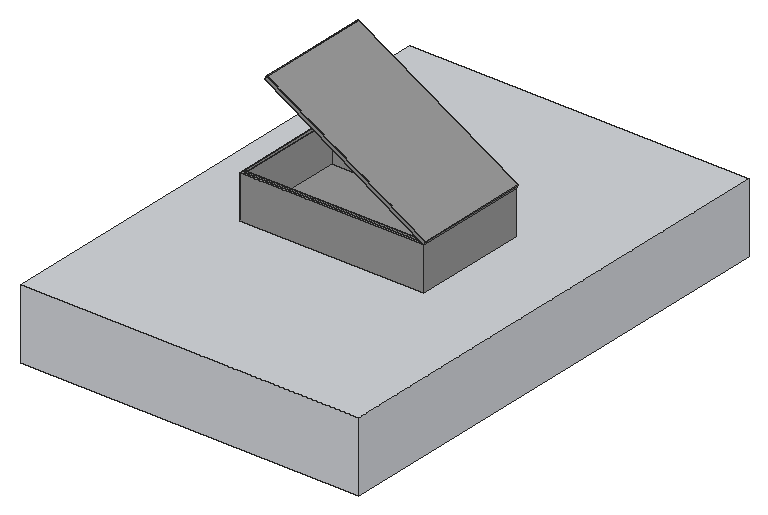
Revit family "Hager-Univers-IP54-D205-H500-Cl.I-Encl-CH-de", category Equipement électrique, Revit 2020
Family settings
  Hôte = Face
  Configuration du panneau = Deux colonnes, circuits au sein
  Cote de connecteur circulaire = Utiliser le diamètre
  Type d'élément = Tableau de raccordement
  Couper avec des vides une fois chargée = Non
  Partagée = Non
  Point de calcul de pièce = Non
Parameters (values of type "Aufputz IP54 B800 H500 T205  - FP33TW2")
  Width Control [instance] = if([EF000008 - Breite] > Min Width, [EF000008 - Breite], Min Width)  # 800 mm
  Commentaires du type = [HG000003 - Bereich]  # "Univers"
  Thickness Door [instance] = if([EF009171 - Materialstärke Tür/Deckel] > 3 mm, 3 mm, [EF009171 - Materialstärke Tür/Deckel])  # 1 mm
  Seal Frame Offset [instance] = 17 mm  # constant formula
  Plinth Visibility [instance] = [HG000027 - Sockelhöhe] > 0 mm  # no
  Model = ""
  Min Width [instance] = 100 mm  # constant formula
  Min Height [instance] = 100 mm  # constant formula
  Min Depth [instance] = (2 * [EF009170 - Materialstärke Gehäuse]) + 1 mm  # 3 mm
  Internal Frame Depth [instance] = (Door System Depth * 0.5)  # 9 mm
  Height Control [instance] = if([EF000040 - Höhe] > Min Height, [EF000040 - Höhe], Min Height)  # 500 mm
  HG000027 - Sockelhöhe = 0 mm
  HG000026 - Stehend auf dem Boden = no
  HG000024 - Höhe des unteren Teils = 800 mm
  HG000023 - Gehäuse mit doppeltem Querschnitt = no
  HG000016 - 3D-Türsichtbarkeit [instance] = yes
  HG000015 - Sichtbarkeit der Türöffnung [instance] = no
  HG000014 - Tür rechts [instance] = yes
  HG000013 - Tür links [instance] = not([HG000014 - Tür rechts])  # no
  HG000012 - Türschwenkwinkel [instance] = 30.00°
  HG000010 - Asymmetrische Türen = no
  HG000009 - Doppelflügeligen Tür = no
  HG000006 - Unterputz = no
  HG000004 - Herstellerreferenz = "FP33TW2"
  HG000003 - Bereich = "Univers"
  HG000002 - Mit tür = yes
  Frame Offset Bottom [instance] = 10 mm  # constant formula
  Frame Offset [instance] = 15 mm  # constant formula
  EF015940 - Deckel mit Überdruckentlastung = no
  EF011959 - Schutzart (NEMA) = ""
  EF009554 - Anzahl der Öffnungen für Flanschplatten = 6
  Fabricant = "Hager"  # constant formula
  EF009212 - Ausführung Deckel = "EV000116 - geschlossen"
  EF009171 - Materialstärke Tür/Deckel = 1 mm
  EF009170 - Materialstärke Gehäuse = 1 mm
  EF008873 - Nennstrom (In) = 250 A
  EF007800 - Geeignet für Blitzschutz = no
  EF006306 - Mit Schloss = no
  EF006244 - Transparenter Deckel/Tür = no
  EF005474 - Schutzart (IP) = "EV006419 - IP54"
  EF004464 - Art der Tür = "EV002646 - Einzel"
  EF004427 - Anzahl der Module = 108
  EF004293 - Schlagfestigkeit = "EV006815 - IK09"
  EF003532 - Geeignet für Außengebrauch = no
  EF002950 - Breite in Teilungseinheiten = 36
  EF001613 - Funktionserhalt = "EV000494 - ohne"
  EF001596 - Werkstoff des Gehäuses = "EV000179 - Stahl"
  EF001131 - Innentiefe = 205 mm
  EF001088 - Anbaumöglichkeit = yes
  EF000437 - Anzahl der Leitungseinführungen = 6
  EF000339 - Art der Abdeckung = "EV001012 - Deckel"
  EF000266 - Anzahl der Reihen = 3
  EF000218 - Einbautiefe = 205 mm
  EF000118 - Mit Montageplatte = no
  EF000116 - RAL-Nummer = "9010"
  EF000049 - Tiefe = 205 mm
  EF000040 - Höhe = 500 mm
  EF000008 - Breite = 800 mm
  EF000007 - Farbe = "EV000202 - weiß"
  EF000003 - Montageart = "EV000384 - Aufputz"
  Door System Leaf Tolerance [instance] = 1.5 mm  # constant formula
  Door System Depth [instance] = 18 mm  # constant formula
  Door Height [instance] = Height Control - [HG000027 - Sockelhöhe]  # 500 mm
  Depth Control [instance] = if([EF000049 - Tiefe] > Min Depth, [EF000049 - Tiefe], Min Depth)  # 205 mm
  Default Elevation = 0 mm
  Connector Offset [instance] = Height Control / 2  # 250 mm
  Bottom Top Plate Trim [instance] = 1.5 mm  # constant formula
  Plinth height Ctrl [instance] = if([HG000027 - Sockelhöhe] > 0 mm, [HG000027 - Sockelhöhe], 12 mm)  # 12 mm
Types (5, lengths in mm): name | Width Control | HG000004 - Herstellerreferenz | EF009554 - Anzahl der Öffnungen für Flanschplatten | EF004464 - Art der Tür | EF004427 - Anzahl der Module | EF002950 - Breite in Teilungseinheiten | EF000437 - Anzahl der Leitungseinführungen | EF000008 - Breite
  Aufputz IP54 B1050 H500 T205  - FP34TW2 | 1050 | "FP34TW2" | 8 | "EV003602 - Doppel" | 144 | 48 | 8 | 1050
  Aufputz IP54 B1300 H500 T205  - FP35TW2 | 1300 | "FP35TW2" | 10 | "EV003602 - Doppel" | 180 | 60 | 10 | 1300
  Aufputz IP54 B300 H500 T205  - FP31TW2 | 300 | "FP31TW2" | 2 | "EV002646 - Einzel" | 36 | 12 | 2 | 300
  Aufputz IP54 B550 H500 T205  - FP32TW2 | 550 | "FP32TW2" | 4 | "EV002646 - Einzel" | 72 | 24 | 4 | 550
  Aufputz IP54 B800 H500 T205  - FP33TW2 | 800 | "FP33TW2" | 6 | "EV002646 - Einzel" | 108 | 36 | 6 | 800
Reference planes
  plane 1 "Center (Front/Back)": y = 0
  plane 2: z = 0
  plane 3 "Center (Left/Right)": x = 0
  plane 4: z = 205
  plane 5: y = 1
  plane 6: y = 250
  plane 7: y = 0
  plane 8: y = 500
  plane 9: z = 0
  plane 10: x = -385
  plane 11: x = 385
  plane 12: x = 384
  plane 13: x = -384
  plane 14: y = 499
  plane 15: x = -383
  plane 16: x = -400
  plane 17: x = 383
  plane 18: x = 400
  plane 19: x = 399
  plane 20: x = -399
  plane 21: y = 11
  plane 22: y = 500
  plane 23: y = 484
  plane 24: z = 187
  plane 25: z = 1
  plane 26: z = 186
  plane 27: z = 204
Forms (mm)
  Extrusion 1, solid
    sketch origin (0, 0, 0) x (1, 0, 0) y (0, 1, 0)
      loop
        line (-702.964, 1305) -> (-702.964, -811.445) -> (766.763, -811.445) -> (766.763, 1305) -> (-702.964, 1305)
    from 0 to -304.8
  Extrusion 2, solid, material "Hager_Steel_RAL7035_Light_Grey", visible <- "Plinth Visibility", detail levels medium+fine
    sketch origin (0, 0, 0) x (1, 0, 0) y (0, 1, 0)
      loop
        line (-400, 0) -> (400, 0) -> (400, 12) -> (-400, 12) -> (-400, 0)
    from 0 to 187
  Extrusion 3, solid, material "Hager_Steel_RAL7035_Light_Grey", detail levels medium+fine
    sketch origin (0, 0, 0) x (1, 0, 0) y (0, 1, 0)
      loop
        line (-400, 0) -> (400, 0) -> (400, 500) -> (-400, 500) -> (-400, 0)
    from 0 to 187
  Extrusion 4, void
    sketch origin (0, 0, 0) x (1, 0, 0) y (0, 1, 0)
      loop
        line (-399, 1) -> (399, 1) -> (399, 499) -> (-399, 499) -> (-399, 1)
    from 1 to 186
  Extrusion 5, void
    sketch origin (-381.607, -4572, 187) x (0, -1, 0) y (-1, 0, 0)
      loop
        line (-4583, 2.393) -> (-5056, 2.393) -> (-5056, -765.607) -> (-4583, -765.607) -> (-4583, 2.393)
    from 0 to 1 <- "EF009170 - Materialstärke Gehäuse"
  Extrusion 6, solid, material "Hager_Steel_RAL7035_Light_Grey", detail levels fine
    sketch origin (0, 0, 187) x (1, 0, 0) y (0, 1, 0)
      loop
        line (-384, 484) -> (-384, 11) -> (384, 11) -> (384, 484) -> (-384, 484)
      loop
        line (-385, 10) -> (385, 10) -> (385, 485) -> (-385, 485) -> (-385, 10)
    from 0 to 9 <- "Internal Frame Depth"
  Extrusion 7, solid, material "Hager_Steel_RAL7035_Light_Grey", detail levels coarse
    sketch origin (0, 0, 0) x (1, 0, 0) y (0, 1, 0)
      loop
        line (-400, 0) -> (400, 0) -> (400, 500) -> (-400, 500) -> (-400, 0)
    from 0 to 205
  Sweep 8, void
    path in 3D
      loop
        line (-400, 12, 0) -> (400, 12, 0) -> (400, 12, 187) -> (-400, 12, 187) -> (-400, 12, 0)
    profile origin (-400, 12, 93.5) x (-1, 0, 0) y (0, -1, 0)
      loop
        line (0, 0) -> (0, 1.5) -> (-1.5, 1.5)
        arc (-1.5, 1.5) -> (-1.061, 0.439) -> (0, 0) r 1.5
Cuts and joins
  Extrusion 4, Extrusion 5 cuts Extrusion 3
  Sweep 8 cuts Extrusion 2
Lines and regions (mm)
  Masking region 1
    outline origin (0, 0, 0) x (1, 0, 0) y (0, 0, 1)
      loop
        line (-400, 205) -> (-400, 0) -> (400, 0) -> (400, 205) -> (-400, 205)
  Masking region 2, detail levels medium+fine
    outline origin (0, 140, 0) x (0, 1, 0) y (0, 0, 1)
      loop
        line (-140, 0) -> (360, 0) -> (360, 187) -> (-140, 187) -> (-140, 0)
  Masking region 3, not visible, detail levels medium+fine
    outline origin (0, 297.922, 0) x (0, 1, 0) y (0, 0, 1)
      loop
        line (-36.422, 0) -> (3.578, 0) -> (3.578, 194)
        arc (3.578, 194) -> (0.649, 201.071) -> (-6.422, 204) r 10
        line (-6.422, 204) -> (-36.422, 204) -> (-36.422, 0)
  Masking region 4, detail levels coarse
    outline origin (0, 0, 180) x (0, 1, 0) y (0, 0, 1)
      loop
        line (0, -180) -> (500, -180) -> (500, 25) -> (0, 25) -> (0, -180)
  Masking region 5, visible <- "Plinth Visibility", detail levels medium+fine
    outline origin (0, 52.24, 12.345) x (0, 0, -1) y (0, 1, 0)
      loop
        line (10.845, -40.24) -> (-173.155, -40.24)
        arc (-173.155, -40.24) -> (-173.594, -41.301) -> (-174.655, -41.74) r 1.5
        line (-174.655, -41.74) -> (-174.655, -52.24) -> (12.345, -52.24) -> (12.345, -41.74)
        arc (12.345, -41.74) -> (11.285, -41.301) -> (10.845, -40.24) r 1.5
  Masking region 6, detail levels medium+fine
    outline origin (-381.607, -4572, 187) x (-1, 0, 0) y (0, -1, 0)
      loop
        line (18.393, -5072) -> (18.393, -4572) -> (-781.607, -4572) -> (-781.607, -5072) -> (18.393, -5072)
  Masking region 7, visible <- "Plinth Visibility", detail levels medium+fine
    outline origin (-381.607, -4727, 187) x (-1, 0, 0) y (0, -1, 0)
      loop
        arc (16.893, -4739) -> (17.332, -4737.939) -> (18.393, -4737.5) r 1.5
        line (18.393, -4737.5) -> (18.393, -4727) -> (-781.607, -4727) -> (-781.607, -4737.5)
        arc (-781.607, -4737.5) -> (-780.546, -4737.939) -> (-780.107, -4739) r 1.5
        line (-780.107, -4739) -> (16.893, -4739)
  Masking region 8, detail levels coarse
    outline origin (-442.548, -4669.526, 187) x (-1, 0, 0) y (0, -1, 0)
      loop
        line (-42.548, -5169.526) -> (-42.548, -4669.526) -> (-842.548, -4669.526) -> (-842.548, -5169.526) -> (-42.548, -5169.526)
  sketch lines
    curve 1: line (-400, 12, 187) -> (-400, 12, 0)
    curve 2: line (400, 12, 187) -> (-400, 12, 187)
    curve 3: line (400, 12, 187) -> (400, 12, 0)
    curve 4: line (-400, 12, 0) -> (400, 12, 0)
Dimensions and locks
  "Depth Control": plane 4 to Extrusion 1
  "HG000027 - Sockelhöhe": plane 1 "Center (Front/Back)" to plane 7
  "EF009170 - Materialstärke Gehäuse": plane 5 to plane 7
  locked: connector elem to plane 3 "Center (Left/Right)"
  equal spacing: plane 8, plane 6, plane 7
  locked: connector elem to plane 6
  "EF009170 - Materialstärke Gehäuse": plane 8 to plane 14
  "EF009170 - Materialstärke Gehäuse": plane 10 to plane 13
  "EF009170 - Materialstärke Gehäuse": plane 12 to plane 11
  "Frame Offset": plane 20 to plane 13
  "Frame Offset": plane 12 to plane 19
  "EF009170 - Materialstärke Gehäuse": plane 16 to plane 20
  "EF009170 - Materialstärke Gehäuse": plane 19 to plane 18
  "Seal Frame Offset": plane 16 to plane 15
  "Seal Frame Offset": plane 17 to plane 18
  "Frame Offset Bottom": plane 21 to plane 5
  "Frame Offset": plane 14 to plane 23
  equal spacing: plane 16, plane 3 "Center (Left/Right)", plane 18
  "Width Control": plane 16 to plane 18
  "EF009170 - Materialstärke Gehäuse": plane 4 to plane 27
  "EF009170 - Materialstärke Gehäuse": plane 24 to plane 26
  "EF009170 - Materialstärke Gehäuse": plane 25 to level
  "Door System Depth": plane 4 to plane 24
  "Height Control": plane 1 "Center (Front/Back)" to Extrusion 7 sketch curve
  "Height Control": Masking region 4 sketch curve to plane 1 "Center (Front/Back)"
  "Height Control": plane 1 "Center (Front/Back)" to plane 22
  "Bottom Top Plate Trim": profile plane to Sweep 8 sketch curve
  "Bottom Top Plate Trim": Sweep 8 sketch curve to profile plane
  "Plinth height Ctrl": plane 1 "Center (Front/Back)" to Extrusion 2 sketch curve
  "Plinth height Ctrl": Masking region 5 sketch curve to plane 1 "Center (Front/Back)"
  "Plinth height Ctrl": plane 1 "Center (Front/Back)" to Masking region 7 sketch curve
  "Thickness Door": Extrusion 6 sketch curve to Extrusion 6 sketch curve  (x3)
  "Thickness Door": cut or joined group of Extrusion 3, Extrusion 4, Extrusion 5 to Extrusion 6 sketch curve
  radius of Masking region 3 sketch curve = 10 mm
  "Bottom Top Plate Trim": radius of Masking region 5 sketch curve  (x2)
  "Bottom Top Plate Trim": radius of Sweep 8 sketch curve
  "Bottom Top Plate Trim": radius of Masking region 7 sketch curve  (x2)
  aligned and locked: plane 2 to Extrusion 1
  aligned and locked: level to Extrusion 1
  aligned and locked: level to Masking region 1 sketch curve
  aligned and locked: Masking region 1 sketch curve to plane 18
  aligned and locked: Masking region 1 sketch curve to plane 16
  aligned and locked: plane 7 to Masking region 2 sketch curve
  aligned and locked: level to Masking region 3 sketch curve
  aligned and locked: Masking region 3 sketch curve to plane 27
  aligned and locked: level to Masking region 2 sketch curve
  aligned and locked: plane 1 "Center (Front/Back)" to Extrusion 2 sketch curve
  aligned and locked: Extrusion 3 sketch curve to plane 7
  aligned and locked: plane 16 to Extrusion 3 sketch curve
  aligned and locked: plane 18 to Extrusion 3 sketch curve
  aligned and locked: plane 20 to Extrusion 4 sketch curve
  aligned and locked: plane 19 to Extrusion 4 sketch curve
  aligned and locked: Extrusion 4 sketch curve to plane 5
  aligned and locked: Extrusion 4 to plane 25
  aligned and locked: plane 26 to Extrusion 4
  aligned and locked: plane 24 to Extrusion 3
  aligned and locked: Extrusion 5 sketch curve to plane 21
  aligned and locked: Extrusion 5 sketch curve to plane 13
  aligned and locked: Extrusion 5 sketch curve to plane 12
  aligned and locked: plane 18 to Extrusion 7 sketch curve
  aligned and locked: plane 1 "Center (Front/Back)" to Extrusion 7 sketch curve
  aligned and locked: plane 16 to Extrusion 7 sketch curve
  aligned and locked: plane 4 to Extrusion 7
  aligned and locked: Extrusion 7 to level
  aligned and locked: level to Masking region 4 sketch curve
  aligned and locked: Masking region 4 sketch curve to plane 1 "Center (Front/Back)"
  aligned and locked: Masking region 4 sketch curve to plane 4
  aligned and locked: nested 1 to level
  aligned and locked: nested 1 to plane 16
  aligned and locked: plane 8 to Extrusion 3 sketch curve
  aligned and locked: plane 23 to Extrusion 5 sketch curve
  aligned and locked: plane 14 to Extrusion 4 sketch curve
  aligned and locked: Masking region 2 sketch curve to plane 8
  aligned and locked: level to Masking region 5 sketch curve
  aligned and locked: plane 16 to Extrusion 2 sketch curve
  aligned and locked: plane 18 to Extrusion 2 sketch curve
  aligned and locked: Masking region 5 sketch curve to plane 24
  aligned and locked: Masking region 2 sketch curve to plane 24
  aligned and locked: plane 24 to Extrusion 2
  aligned and locked: profile plane to Sweep 8 sketch curve  (x2)
  aligned and locked: Masking region 6 sketch curve to plane 18
  aligned and locked: Masking region 6 sketch curve to plane 22
  aligned and locked: Masking region 6 sketch curve to plane 16
  aligned and locked: plane 8 to plane 22
  aligned and locked: Masking region 6 sketch curve to plane 7
  aligned and locked: Masking region 7 sketch curve to plane 16
  aligned and locked: Masking region 7 sketch curve to plane 1 "Center (Front/Back)"
  aligned and locked: Masking region 7 sketch curve to plane 18
  aligned and locked: Masking region 8 sketch curve to plane 1 "Center (Front/Back)"
  aligned and locked: Masking region 8 sketch curve to plane 18
  aligned and locked: Masking region 8 sketch curve to plane 22
  aligned and locked: Masking region 8 sketch curve to plane 16
  aligned and locked: nested 2 to plane 7
  aligned and locked: plane 3 "Center (Left/Right)" to nested 2
  aligned and locked: nested 2 to plane 24
  aligned and locked: Extrusion 6 sketch curve to cut or joined group of Extrusion 3, Extrusion 4, Extrusion 5  (x4)
Automatic sketch dimensions
  Extrusion 1 sketch curve to Extrusion 1 sketch curve = 1469.727 mm
  Extrusion 1 sketch curve to Extrusion 1 sketch curve = 2116.445 mm
  Masking region 1 sketch curve to plane 4 = 0 mm
  plane 6 to Masking region 3 sketch curve = 11.5 mm
  Masking region 3 sketch curve to Masking region 3 sketch curve = 30 mm
  Masking region 5 sketch curve to plane 1 "Center (Front/Back)" = 0 mm
Nested families
  nested 1: "Hager_Enclosure_Symbol" at (-400, 0, 0) x (1, 0, 0) z (0, -1, 0), Height <- "Depth Control", Width <- "Width Control", type "Hager_Enclosure_Symbol"
    with Width_Ctrl 800 mm, Width 800 mm, Height_Ctrl 205 mm, Height 205 mm, A_Width_Int 13.453 mm, A_Width 161.438 mm, A_Height_Ctrl 179.375 mm, A_Height 179.375 mm
  nested 2: "EC000058_Univers_Door" at (0, 0, 187) x (1, 0, 0) z (0, 1, 0), Leaf_Tolerance <- "Door System Leaf Tolerance", Angle <- "HG000012 - Türschwenkwinkel", Door_Depth <- "Door System Depth", Door_Left <- "HG000013 - Tür links", Transparent <- "EF006244 - Transparenter Deckel/Tür", Assymetrical <- "HG000010 - Asymmetrische Türen", Width <- "Width Control", Clearance <- "HG000015 - Sichtbarkeit der Türöffnung", Double <- "HG000009 - Doppelflügeligen Tür", 3d_Door <- "HG000016 - 3D-Türsichtbarkeit", Lock_Visibility <- "EF006306 - Mit Schloss", Width_Ctrl <- "Width Control", Door_Right <- "HG000014 - Tür rechts", Door <- "HG000002 - Mit tür", Height <- "Door Height", Thickness <- "Thickness Door", type "EC000058_Univers_Door", detail levels medium+fine
    with min_wh 3 mm, Width_Ctrl 800 mm, Width 800 mm, Transparent no, Thickness 1 mm, Seal_Material Hager_Rubber, Lock_Visibility no, Lock_Material Hager_Plastic_RAL9005_Jet_Black, Leaf_Width 800 mm, Leaf_Tolerance_External_Sides 0 mm, Leaf_Tolerance 1.5 mm, Leaf_Offset 0 mm, Leaf_Height 497 mm, Leaf_2_Width 800 mm, Leaf_2_Offset 400 mm, Leaf_1_Width 800 mm, Leaf_1_Offset 400 mm, Height_Ctrl 500 mm, Height 500 mm, Glass_Material Hager_Glass, Double_Clearance_Ctrl no, Double no, Door_Right_Ctrl yes, Door_Right yes, Door_Material Hager_Steel_RAL7035_Light_Grey, Door_Left_Ctrl no, Door_Left no, Door_Depth 18 mm, Door yes, Clearance_Material Hager_Clearance, Clearance_Depth 800 mm, Clearance_Ctrl no, Clearance no, Assymetrical no, Angle 30.00°, 3d_Door yes
Connectors
  electrical at (0, 250, 0)
    settings: on plane 9, index 1, voltage 0 V, apparent load 0 VA, apparent load phase1 0 VA, apparent load phase2 0 VA, apparent load phase3 0 VA, power factor 1, load classification "Other", number of poles 1, system type 30, power factor state 1, is connector primary yes, connector utility no, sub classification motor no, connector description ""
Definition of nested family "EC000058_Univers_Door"
  Parameters (values of type "EC000058_Univers_Door")
    min_wh [instance] = (2 * Thickness) + 1 mm  # 11 mm
    Width_Ctrl [instance] = 400 mm
    Width [instance] = 500 mm
    Transparent [instance] = yes
    Thickness [instance] = 5 mm
    Seal_Material [instance] = none
    Lock_Visibility [instance] = yes
    Lock_Material [instance] = none
    Leaf_Width [instance] = if((Width_Ctrl - 2 * Leaf_Tolerance_External_Sides) > 0 mm, (Width_Ctrl - 2 * Leaf_Tolerance_External_Sides), min_wh)  # 400 mm
    Leaf_Tolerance_External_Sides [instance] = 0 mm  # constant formula
    Leaf_Tolerance [instance] = 1.5 mm
    Leaf_Offset [instance] = 0 mm  # constant formula
    Leaf_Height [instance] = if((Height_Ctrl - 2 * Leaf_Tolerance) > 0 mm, (Height_Ctrl - 2 * Leaf_Tolerance), min_wh)  # 497 mm
    Leaf_2_Width [instance] = if(and(and(Double, Assymetrical), Door_Left), (Leaf_Width / 3) - (Leaf_Tolerance / 2), if(and(and(Double, Assymetrical), Door_Right), (Leaf_Width / 3) * 2 - (Leaf_Tolerance / 2), if(and(Double, not(Assymetrical)), (Leaf_Width / 2) - Leaf_Tolerance, Leaf_Width)))  # 400 mm
    Leaf_2_Offset [instance] = if(and(Double, Assymetrical), Leaf_2_Width / 2, if(and(Double, not(Assymetrical)), Leaf_Width / 4, Leaf_Width / 2))  # 200 mm
    Leaf_1_Width [instance] = if(and(and(Double, Assymetrical), Door_Right), (Leaf_Width / 3) - (Leaf_Tolerance / 2), if(and(and(Double, Assymetrical), Door_Left), (Width / 3) * 2 - (Leaf_Tolerance / 2), if(and(Double, not(Assymetrical)), (Leaf_Width / 2) - Leaf_Tolerance, Leaf_Width)))  # 400 mm
    Leaf_1_Offset [instance] = if(and(Double, Assymetrical), Leaf_1_Width / 2, if(and(Double, not(Assymetrical)), Leaf_Width / 4, Leaf_Width / 2))  # 200 mm
    Height_Ctrl [instance] = if(Height > min_wh, Height, min_wh)  # 500 mm
    Height [instance] = 500 mm
    Glass_Material [instance] = none
    Double_Clearance_Ctrl [instance] = and(Double, Clearance)  # no
    Double [instance] = no
    Door_Right_Ctrl [instance] = and(or(Door_Right, Double), Door)  # yes
    Door_Right [instance] = yes
    Door_Material [instance] = none
    Door_Left_Ctrl [instance] = and(or(Door_Left, Double), Door)  # no
    Door_Left [instance] = no
    Door_Depth [instance] = 30 mm
    Door [instance] = yes
    Default Elevation = 1219.2 mm
    Clearance_Material [instance] = none
    Clearance_Depth [instance] = if(Leaf_1_Width > Leaf_2_Width, Leaf_1_Width, Leaf_2_Width)  # 400 mm
    Clearance_Ctrl [instance] = and(not(Double), Clearance)  # yes
    Clearance [instance] = yes
    Assymetrical [instance] = yes
    Angle [instance] = 30.00°
    3d_Door [instance] = yes
  Reference planes
    plane 1 "Center (Front/Back)": y = 0
    plane 2 "Bottom": z = 0
    plane 3 "Center (Left/Right)": x = 0
    plane 4: z = 500
    plane 5: x = -200
    plane 6: x = 200
    plane 7: z = 500
    plane 8: x = -200
    plane 9: z = 0
    plane 10: x = 200
    plane 11: y = 0
    plane 12: z = 1.5
    plane 13: x = -600
    plane 14: y = -400
    plane 15: x = 600
    plane 16: x = 0
    plane 17: x = 0
    plane 18: x = -200
    plane 19: x = 200
    plane 20: z = 498.5
  Forms (mm)
    Extrusion 1, solid, material <- "Clearance_Material", visible <- "Double_Clearance_Ctrl"
      sketch origin (1200, 0, 0) x (1, 0, 0) y (0, 0, -1)
        loop
          line (-1800, -498.5) -> (-600, -498.5) -> (-600, 0) -> (-1800, 0) -> (-1800, -498.5)
      from 0 to -400
  Dimensions and locks
    equal spacing: plane 5, plane 3 "Center (Left/Right)", plane 6
    "Width_Ctrl": plane 5 to plane 6
    "Leaf_Offset": plane 5 to plane 8
    "Leaf_Offset": plane 6 to plane 10
    "Leaf_Offset": plane 9 to level
    "Leaf_Offset": plane 4 to plane 7
    "Height_Ctrl": plane 4 to level
    "Leaf_Tolerance": plane 12 to plane 9
    locked: plane 11 to plane 1 "Center (Front/Back)"
    "Leaf_1_Offset": plane 18 to plane 16
    "Leaf_2_Offset": plane 17 to plane 19
    "Leaf_1_Width": plane 13 to plane 8
    "Leaf_2_Width": plane 10 to plane 15
    "Clearance_Depth": plane 14 to plane 1 "Center (Front/Back)"
    "Leaf_Tolerance_External_Sides": plane 8 to plane 18
    "Leaf_Tolerance_External_Sides": plane 19 to plane 10
    "Leaf_Tolerance": plane 7 to plane 20
    aligned and locked: level to plane 2 "Bottom"
    aligned and locked: nested 1 to plane 16
    aligned and locked: nested 2 to plane 17
    aligned and locked: Extrusion 1 to plane 13
    aligned and locked: plane 15 to Extrusion 1
    aligned and locked: Extrusion 1 to plane 14
    aligned and locked: plane 12 to nested 1
    aligned and locked: nested 2 to plane 12
    aligned and locked: Extrusion 1 to plane 11
    aligned and locked: plane 20 to Extrusion 1
    aligned and locked: nested 2 to plane 11
    aligned and locked: nested 1 to plane 11
  Automatic sketch dimensions
    Extrusion 1 sketch curve to level = 0 mm
    plane 5 to Extrusion 1 sketch curve = 400 mm
    plane 6 to Extrusion 1 sketch curve = 400 mm
    Extrusion 1 sketch curve to plane 4 = 1.5 mm
  Nested families
    nested 1: "EC000058_Univers_Door_Leaf" at (0, 0, 1.5), Width <- "Leaf_1_Width", visible <- "Door_Left_Ctrl", Leaf_Height <- "Leaf_Height", Angle <- "Angle", 3d_Door <- "3d_Door", Transparent <- "Transparent", Clearance Material <- "Clearance_Material", Clearance <- "Clearance_Ctrl", Door_Material <- "Door_Material", Glass_Material <- "Glass_Material", Door_Depth <- "Door_Depth", Lock_Material <- "Lock_Material", Seal_Material <- "Seal_Material", Lock_Visibility <- "Lock_Visibility", Thickness <- "Thickness", type "EC000058_Univers_Door_Leaf"
      with Width 400 mm, Transparent_Glass_Offset 30 mm, Transparent_Ctrl yes, Transparent yes, Thickness 5 mm, Standard no, Seal_Material none, Seal_D2 8 mm, Seal_D1 1 mm, Offset_Internal_Frame 10 mm, Lock_Width 20 mm, Lock_Visibility_3d yes, Lock_Visibility yes, Lock_Thickness_3 3 mm, Lock_Thickness_2 1 mm, Lock_Thickness_1 3 mm, Lock_Radius_Offset_2 16 mm, Lock_Radius_Offset_1 15 mm, Lock_Radius_2 5 mm, Lock_Radius 6 mm, Lock_Offset 5 mm, Lock_Material none, Lock_Height 80 mm, Lock_Cover_Top_Offset_2d 17 mm, Lock_Cover_Height -65 mm, Leaf_Height 497 mm, Internal_Seal_Thickness 8 mm, Internal_Seal_Depth_2 4.5 mm, Internal_Frame_Depth 25 mm, Glass_Thickness -1 mm, Glass_Offset -2 mm, Glass_Material none, Door_Material none, Door_Depth 30 mm, Clearance Material none, Clearance yes, Angle_Ctrl 30.00°, Angle 30.00°, 3d_Door yes
    nested 2: "EC000058_Univers_Door_Leaf" at (0, 0, 1.5) x (-1, 0, 0) z (0, 0, 1), Width <- "Leaf_2_Width", visible <- "Door_Right_Ctrl", Leaf_Height <- "Leaf_Height", Angle <- "Angle", 3d_Door <- "3d_Door", Transparent <- "Transparent", Clearance Material <- "Clearance_Material", Clearance <- "Clearance_Ctrl", Door_Material <- "Door_Material", Glass_Material <- "Glass_Material", Door_Depth <- "Door_Depth", Lock_Material <- "Lock_Material", Seal_Material <- "Seal_Material", Lock_Visibility <- "Lock_Visibility", Thickness <- "Thickness", type "EC000058_Univers_Door_Leaf"
      with Width 400 mm, Transparent_Glass_Offset 30 mm, Transparent_Ctrl yes, Transparent yes, Thickness 5 mm, Standard no, Seal_Material none, Seal_D2 8 mm, Seal_D1 1 mm, Offset_Internal_Frame 10 mm, Lock_Width 20 mm, Lock_Visibility_3d yes, Lock_Visibility yes, Lock_Thickness_3 3 mm, Lock_Thickness_2 1 mm, Lock_Thickness_1 3 mm, Lock_Radius_Offset_2 16 mm, Lock_Radius_Offset_1 15 mm, Lock_Radius_2 5 mm, Lock_Radius 6 mm, Lock_Offset 5 mm, Lock_Material none, Lock_Height 80 mm, Lock_Cover_Top_Offset_2d 17 mm, Lock_Cover_Height -65 mm, Leaf_Height 497 mm, Internal_Seal_Thickness 8 mm, Internal_Seal_Depth_2 4.5 mm, Internal_Frame_Depth 25 mm, Glass_Thickness -1 mm, Glass_Offset -2 mm, Glass_Material none, Door_Material none, Door_Depth 30 mm, Clearance Material none, Clearance yes, Angle_Ctrl 30.00°, Angle 30.00°, 3d_Door yes
  Definition of nested family "EC000058_Univers_Door_Leaf"
    Parameters (values of type "EC000058_Univers_Door_Leaf")
      Width [instance] = 2000 mm
      Transparent_Glass_Offset [instance] = 30 mm
      Transparent_Ctrl [instance] = and(Transparent, [3d_Door])  # yes
      Transparent [instance] = yes
      Thickness [instance] = 5 mm
      Standard [instance] = and(not(Transparent), [3d_Door])  # no
      Seal_Material [instance] = none
      Seal_D2 [instance] = 8 mm  # constant formula
      Seal_D1 [instance] = 1 mm  # constant formula
      Offset_Internal_Frame [instance] = 10 mm  # constant formula
      Lock_Width [instance] = 20 mm  # constant formula
      Lock_Visibility_3d [instance] = and(Lock_Visibility, [3d_Door])  # yes
      Lock_Visibility [instance] = yes
      Lock_Thickness_3 [instance] = 3 mm  # constant formula
      Lock_Thickness_2 [instance] = 1 mm  # constant formula
      Lock_Thickness_1 [instance] = 3 mm  # constant formula
      Lock_Radius_Offset_2 [instance] = Lock_Radius_Offset_1 + 1 mm  # 16 mm
      Lock_Radius_Offset_1 [instance] = 15 mm  # constant formula
      Lock_Radius_2 [instance] = Lock_Radius - 1 mm  # 5 mm
      Lock_Radius [instance] = 6 mm  # constant formula
      Lock_Offset [instance] = 5 mm  # constant formula
      Lock_Material [instance] = none
      Lock_Height [instance] = 80 mm  # constant formula
      Lock_Cover_Top_Offset_2d [instance] = Lock_Radius_Offset_2 + 1 mm  # 17 mm
      Lock_Cover_Height [instance] = -(Lock_Height - Lock_Radius_Offset_1)  # -65 mm
      Leaf_Height [instance] = 2720.336 mm
      Internal_Seal_Thickness [instance] = 8 mm  # constant formula
      Internal_Seal_Depth_2 [instance] = 4.5 mm  # constant formula
      Internal_Frame_Depth [instance] = if(Door_Depth - Thickness > 5 mm, Door_Depth - Thickness, 5 mm)  # 25 mm
      Glass_Thickness [instance] = if(Thickness > 15 mm, Glass_Offset + 10 mm, -1 mm)  # -1 mm
      Glass_Offset [instance] = if(Thickness > 15 mm, -(Thickness + 10 mm) / 2, -2 mm)  # -2 mm
      Glass_Material [instance] = none
      Door_Material [instance] = none
      Door_Depth [instance] = 30 mm
      Default Elevation = 0 mm
      Clearance Material [instance] = none
      Clearance [instance] = yes
      Angle_Ctrl [instance] = if(Angle > 180.00°, 180.00°, Angle)  # 90.00°
      Angle [instance] = 90.00°
      3d_Door [instance] = yes
    Reference planes
      plane 1 "Center (Front/Back)": y = 0
      plane 2: z = 0
      plane 3 "Center (Left/Right)": x = 0
      plane 4: y = 2000
      plane 5: x = -1000
      plane 6: x = 1000
      plane 7: x = -3000
      plane 8: z = 2720.336
      plane 9: z = 30
      plane 10: z = 2690.336
      plane 11: x = 970
      plane 12: x = -970
      plane 13: y = -3
      plane 14: z = 107.833
      plane 15: y = -5
      plane 16: y = -223.314
      plane 17: x = -1000
      plane 18: z = 1360.168
      plane 19: y = 30
    Forms (mm)
      Extrusion 1, solid, material <- "Clearance Material", visible <- "Clearance"
        sketch origin (0, 0, 0) x (1, 0, 0) y (0, 0, 1)
          loop
            line (-3000, 2720.336) -> (-3000, 0) -> (1000, 0) -> (1000, 2720.336) -> (-3000, 2720.336)
        from 0 to -2000
      Extrusion 2, solid, material <- "Door_Material", visible <- "Standard", detail levels medium+fine
        sketch origin (-1000, 0, 0) x (0, 1, 0) y (-1, 0, 0)
          loop
            line (0, 30) -> (0, 25) -> (2000, 25) -> (2000, 30) -> (0, 30)
        from 0 to 2720.336 <- "Leaf_Height"
      Extrusion 3, solid, material <- "Door_Material", visible <- "Transparent_Ctrl", detail levels medium+fine
        sketch origin (-1000, 0, 0) x (0, 1, 0) y (-1, 0, 0)
          loop
            line (0, 25) -> (2000, 25) -> (2000, 30) -> (0, 30) -> (0, 25)
        from 0 to 2720.336 <- "Leaf_Height"
      Extrusion 4, void
        sketch origin (-1025, 2000, 0) x (0, 1, 0) y (0, 0, -1)
          loop
            line (-30, -2690.336) -> (-30, -30) -> (-1970, -30) -> (-1970, -2690.336) -> (-30, -2690.336)
        from 0 to 5 <- "Thickness"
      Sweep 5, solid, material <- "Seal_Material", visible <- "Transparent_Ctrl", detail levels fine
        path in 3D
          loop
            line (-1025, 30, 30) -> (-1025, 30, 2690.336) -> (-1025, 1970, 2690.336) -> (-1025, 1970, 30) -> (-1025, 30, 30)
        profile origin (-1025, 1000, 30) x (1, 0, 0) y (0, 0, 1)
          loop
            line (0, 0) -> (0, -8) -> (1, -8) -> (1, 0) -> (0, 0)
      Extrusion 6, solid, material <- "Glass_Material", visible <- "Transparent_Ctrl", detail levels medium+fine
        sketch origin (-1030, 0, 0) x (0, 1, 0) y (0, 0, -1)
          loop
            line (1970, -2690.336) -> (1970, -30) -> (30, -30) -> (30, -2690.336) -> (1970, -2690.336)
        from -2 <- "Glass_Offset" to -1 <- "Glass_Thickness"
      Extrusion 7, solid, material <- "Door_Material", visible <- "3d_Door", detail levels medium+fine
        sketch origin (-1025, 2000, 0) x (0, -1, 0) y (0, 0, -1)
          loop
            line (0, -2720.336) -> (2000, -2720.336) -> (2000, 0) -> (0, 0) -> (0, -2720.336)
          loop
            line (1995, -5) -> (5, -5) -> (5, -2715.336) -> (1995, -2715.336) -> (1995, -5)
        from 0 to 25 <- "Internal_Frame_Depth"
      Sweep 8, solid, material <- "Seal_Material", visible <- "Transparent_Ctrl", detail levels fine
        path in 3D
          loop
            line (-1025, 0, 0) -> (-1025, 2000, 0) -> (-1025, 2000, 2720.336) -> (-1025, 0, 2720.336) -> (-1025, 0, 0)
        profile origin (-1025, 0, 1360.168) x (1, 0, 0) y (0, 1, 0)
          loop
            line (0, 10) -> (2.975, 10)
            arc (2.975, 10) -> (4.053, 10.447) -> (4.5, 11.525) r 1.525
            line (4.5, 11.525) -> (4.5, 16.527)
            arc (4.5, 16.527) -> (4.069, 17.569) -> (3.027, 18) r 1.473
            line (3.027, 18) -> (0, 18) -> (0, 10)
      Extrusion 9, solid, material <- "Lock_Material", visible <- "Lock_Visibility_3d", detail levels fine
        sketch origin (-1030, 0, 0) x (0, 1, 0) y (0, 0, -1)
          loop
            arc (1993.5, -1400.168) -> (1994.561, -1399.729) -> (1995, -1398.668) r 1.5
            line (1995, -1398.668) -> (1995, -1320.168) -> (1975, -1320.168) -> (1975, -1398.668)
            arc (1975, -1398.668) -> (1975.439, -1399.729) -> (1976.5, -1400.168) r 1.5
            line (1976.5, -1400.168) -> (1993.5, -1400.168)
        from 3 <- "Lock_Thickness_1" to 0
      Blend 10, solid, material <- "Lock_Material", visible <- "Lock_Visibility_3d", detail levels fine
        base sketch origin (-1033, 0, 0) x (0, 1, 0) y (0, 0, -1)
          loop
            line (1975, -1320.168) -> (1975, -1398.668)
            arc (1975, -1398.668) -> (1975.439, -1399.729) -> (1976.5, -1400.168) r 1.5
            line (1976.5, -1400.168) -> (1993.5, -1400.168)
            arc (1993.5, -1400.168) -> (1994.561, -1399.729) -> (1995, -1398.668) r 1.5
            line (1995, -1398.668) -> (1995, -1320.168) -> (1975, -1320.168)
        top sketch origin (-1033, 0, 0) x (0, 1, 0) y (0, 0, -1)
          loop
            line (1976, -1320.168) -> (1976, -1398.668)
            arc (1976, -1398.668) -> (1976.146, -1399.022) -> (1976.5, -1399.168) r 0.5
            line (1976.5, -1399.168) -> (1993.5, -1399.168)
            arc (1993.5, -1399.168) -> (1993.854, -1399.022) -> (1994, -1398.668) r 0.5
            line (1994, -1398.668) -> (1994, -1320.168) -> (1976, -1320.168)
        from 0 to 1 <- "Lock_Thickness_2"
      Blend 11, solid, material <- "Lock_Material", visible <- "Lock_Visibility_3d", detail levels fine
        base sketch origin (-1034, 0, 0) x (0, 1, 0) y (0, 0, -1)
          loop
            line (1978, -1320.168) -> (1978, -1384.168)
            arc (1978, -1384.168) -> (1985, -1391.168) -> (1992, -1384.168) r 7
            line (1992, -1384.168) -> (1992, -1320.168) -> (1978, -1320.168)
        top sketch origin (-1034, 0, 0) x (0, 1, 0) y (0, 0, -1)
          loop
            line (1991, -1320.168) -> (1979, -1320.168) -> (1979, -1383.168)
            arc (1979, -1383.168) -> (1985, -1389.168) -> (1991, -1383.168) r 6
            line (1991, -1383.168) -> (1991, -1320.168)
        from 0 to 3 <- "Lock_Thickness_3"
      Extrusion 12, solid, material <- "Lock_Material", visible <- "Lock_Visibility_3d", detail levels fine
        sketch origin (-1030, 1975, 1320.168) x (1, 0, 0) y (0, -1, 0)
          loop
            line (-7, -19) -> (-7, -1) -> (0, -1) -> (0, 0) -> (-8, 0) -> (-8, -20) -> (0, -20) -> (0, -19) -> (-7, -19)
        from 0 to -65 <- "Lock_Cover_Height"
      Extrusion 13, void
        sketch origin (-1038, 1995, 1320.168) x (-1, 0, 0) y (0, 0, -1)
          loop
            line (-5, -65) -> (0, -65) -> (-5, -60) -> (-5, -65)
        from 0 to 20 <- "Lock_Width"
      Extrusion 14, void
        sketch origin (-1038, 1975, 1320.168) x (0, -1, 0) y (0, 0, -1)
          loop
            circle (-10, -15.995) r 6
          loop
            circle (-10, -15.995) r 5
        from 0 to 2
      Extrusion 15, solid, material <- "Lock_Material", visible <- "Lock_Visibility_3d", detail levels medium
        sketch origin (-1030, 0, 0) x (0, 1, 0) y (0, 0, -1)
          loop
            arc (1993.5, -1400.168) -> (1994.561, -1399.729) -> (1995, -1398.668) r 1.5
            line (1995, -1398.668) -> (1995, -1320.168) -> (1975, -1320.168) -> (1975, -1398.668)
            arc (1975, -1398.668) -> (1975.439, -1399.729) -> (1976.5, -1400.168) r 1.5
            line (1976.5, -1400.168) -> (1993.5, -1400.168)
        from 8 to 0
    Cuts and joins
      Extrusion 4 cuts Extrusion 3
      Extrusion 13, Extrusion 14 cuts Extrusion 9
      Extrusion 14 cuts Blend 11
      Extrusion 13, Extrusion 14 cuts Extrusion 12
      joined: Extrusion 9, Blend 10, Blend 11, Extrusion 12
      Extrusion 14 cuts Extrusion 15
    Lines and regions (mm)
      Masking region 1, visible <- "Lock_Visibility", detail levels fine
        outline origin (0, 0, 0) x (0, 1, 0) y (0, 0, 1)
          loop
            line (30, 1320.168) -> (33, 1320.168) -> (33, 1400.168) -> (30, 1400.168) -> (30, 1320.168)
      Masking region 2, visible <- "Lock_Visibility", detail levels fine
        outline origin (0, 3.143, 0) x (0, 1, 0) y (0, 0, 1)
          loop
            line (29.857, 1354.168) -> (30.857, 1354.168) -> (30.857, 1366.168) -> (29.857, 1366.168) -> (29.857, 1354.168)
      Masking region 3, detail levels medium+fine
        outline origin (0, 0, 0) x (0, 1, 0) y (0, 0, 1)
          loop
            line (0, 0) -> (30, 0) -> (30, 2720.336) -> (0, 2720.336) -> (0, 0)
      Masking region 4, detail levels medium+fine
        outline origin (0, 0, 0) x (1, 0, 0) y (0, 0, 1)
          loop
            line (-1000, 2720.336) -> (-1000, 0) -> (1000, 0) -> (1000, 2720.336) -> (-1000, 2720.336)
      Masking region 5, visible <- "Lock_Visibility", detail levels fine
        outline origin (-47.116, 0, 0) x (1, 0, 0) y (0, 0, 1)
          loop
            arc (1024.616, 1399.168) -> (1023.556, 1398.729) -> (1023.116, 1397.668) r 1.5
            line (1023.116, 1397.668) -> (1023.116, 1320.168) -> (1041.116, 1320.168) -> (1041.116, 1397.668)
            arc (1041.116, 1397.668) -> (1040.677, 1398.729) -> (1039.616, 1399.168) r 1.5
            line (1039.616, 1399.168) -> (1024.616, 1399.168)
      Masking region 6, visible <- "Lock_Visibility", detail levels medium+fine
        outline origin (-25, 0, 0) x (1, 0, 0) y (0, 0, 1)
          loop
            arc (1001.5, 1400.168) -> (1000.439, 1399.729) -> (1000, 1398.668) r 1.5
            line (1000, 1398.668) -> (1000, 1320.168) -> (1020, 1320.168) -> (1020, 1398.668)
            arc (1020, 1398.668) -> (1019.561, 1399.729) -> (1018.5, 1400.168) r 1.5
            line (1018.5, 1400.168) -> (1001.5, 1400.168)
      Masking region 7, visible <- "Lock_Visibility", detail levels fine
        outline origin (-73.735, 0, 0) x (1, 0, 0) y (0, 0, 1)
          loop
            line (1051.735, 1382.168) -> (1065.735, 1382.168) -> (1065.735, 1384.168)
            arc (1065.735, 1384.168) -> (1058.735, 1391.168) -> (1051.735, 1384.168) r 7
            line (1051.735, 1384.168) -> (1051.735, 1382.168)
      Masking region 8, visible <- "Lock_Visibility", detail levels fine
        outline origin (-73.735, 0, 0) x (1, 0, 0) y (0, 0, 1)
          loop
            line (1052.735, 1382.168) -> (1064.735, 1382.168) -> (1064.735, 1383.168)
            arc (1064.735, 1383.168) -> (1058.735, 1389.168) -> (1052.735, 1383.168) r 6
            line (1052.735, 1383.168) -> (1052.735, 1382.168)
      Masking region 9, visible <- "Lock_Visibility", detail levels fine
        outline origin (-25, 0, 0) x (1, 0, 0) y (0, 0, 1)
          loop
            line (1020, 1320.168) -> (1020, 1382.168) -> (1000, 1382.168) -> (1000, 1320.168) -> (1020, 1320.168)
      Masking region 10, detail levels medium+fine
        outline origin (0, 0, 0) x (1, 0, 0) y (0, 0, 1)
          loop
            circle (985, 1335.144) r 6
      Masking region 11, detail levels fine
        outline origin (0, 0, 0) x (1, 0, 0) y (0, 0, 1)
          loop
            circle (985, 1335.144) r 5
      Masking region 12, visible <- "Lock_Visibility", detail levels fine
        outline origin (0, 12.767, 0) x (0, 1, 0) y (0, 0, 1)
          loop
            line (20.233, 1320.168) -> (21.233, 1320.168) -> (21.233, 1399.168) -> (20.233, 1400.168) -> (20.233, 1320.168)
      Masking region 13, visible <- "Lock_Visibility", detail levels fine
        outline origin (0, 13.767, -10) x (0, 1, 0) y (0, 0, 1)
          loop
            line (20.233, 1330.168) -> (23.233, 1330.168) -> (23.233, 1399.168) -> (20.233, 1402.168) -> (20.233, 1330.168)
      Masking region 14, visible <- "Lock_Visibility", detail levels fine
        outline origin (0, 12.767, -10) x (0, 1, 0) y (0, 0, 1)
          loop
            line (20.233, 1330.168) -> (25.233, 1330.168) -> (25.233, 1399.305) -> (20.233, 1394.305) -> (20.233, 1330.168)
      Masking region 15, visible <- "Lock_Visibility", detail levels medium
        outline origin (0, 0, 0) x (0, 1, 0) y (0, 0, 1)
          loop
            line (30, 1320.168) -> (38, 1320.168) -> (38, 1400.168) -> (30, 1400.168) -> (30, 1320.168)
      Masking region 16, visible <- "Lock_Visibility", detail levels fine
        outline origin (-1000, 0, 0) x (0, 1, 0) y (-1, 0, 0)
          loop
            line (1975, 30) -> (1995, 30) -> (1995, 38) -> (1975, 38) -> (1975, 30)
          loop
            line (1979, 37) -> (1976, 37) -> (1976, 34) -> (1978, 34) -> (1979, 37)
          loop
            line (1994, 37) -> (1991, 37) -> (1992, 34) -> (1994, 34) -> (1994, 37)
      Masking region 17, visible <- "Lock_Visibility", detail levels medium
        outline origin (-1000, 0, 0) x (0, 1, 0) y (-1, 0, 0)
          loop
            line (1975, 30) -> (1995, 30) -> (1995, 38) -> (1975, 38) -> (1975, 30)
      symbolic lines
        curve 1: line (1000, 0, 0) -> (-3000, 0, 0)
        curve 2: arc (1000, 0, 0) -> (-1000, 2000, 0) -> (-3000, 0, 0) r 2000
        curve 4: line (-1030, 0, 0) -> (-1030, 2000, 0)
      reference lines
        curve 3: line (-1000, 0, 0) -> (-1000, 2000, 0)
      symbolic lines, detail levels medium+fine
        curve 5: line (-1030, 2000, 0) -> (-1025, 2000, 0)
        curve 7: line (-1025, 0, 0) -> (-1030, 0, 0)
        curve 8: line (-1025, 0, 0) -> (-1000, 0, 0)
        curve 9: line (-1000, 0, 0) -> (-1000, 2000, 0)
        curve 10: line (-1000, 2000, 0) -> (-1025, 2000, 0)
      symbolic lines, detail levels fine
        curve 6: line (-1025, 2000, 0) -> (-1025, 0, 0)
      sketch lines
        curve 11: line (-1025, 0, 2720.336) -> (-1025, 0, 0)
        curve 12: line (-1025, 2000, 0) -> (-1025, 0, 0)
        curve 13: line (-1025, 2000, 2720.336) -> (-1025, 2000, 0)
        curve 14: line (-1025, 0, 2720.336) -> (-1025, 2000, 2720.336)
        curve 15: line (-1025, 1970, 30) -> (-1025, 30, 30)
        curve 16: line (-1025, 30, 30) -> (-1025, 30, 2690.336)
        curve 17: line (-1025, 1970, 2690.336) -> (-1025, 1970, 30)
        curve 18: line (-1025, 30, 2690.336) -> (-1025, 1970, 2690.336)
      symbolic lines, visible <- "Transparent", detail levels medium+fine
        curve 19: line (-970, 0, 2690.336) -> (970, 0, 2690.336)
        curve 20: line (-970, 0, 30) -> (-970, 0, 2690.336)
        curve 21: line (970, 0, 30) -> (-970, 0, 30)
        curve 22: line (970, 0, 2690.336) -> (970, 0, 30)
    Dimensions and locks
      "Width": plane 1 "Center (Front/Back)" to plane 4
      equal spacing: plane 5, plane 3 "Center (Left/Right)", plane 6
      "Width": plane 5 to plane 6
      "Width": plane 7 to plane 5
      "Leaf_Height": plane 8 to level
      "Width": curve 5 to curve 3
      "Width": curve 3 to curve 3
      plane 8 to plane 10 = 30 mm
      plane 9 to level = 30 mm
      plane 12 to plane 5 = 30 mm
      plane 6 to plane 11 = 30 mm
      Extrusion 1 to Extrusion 4 sketch curve = 30 mm
      "Transparent_Glass_Offset": curve 3 to Extrusion 4 sketch curve
      "Transparent_Glass_Offset": Extrusion 4 sketch curve to cut or joined group of Extrusion 3, Extrusion 4  (x2)
      cut or joined group of Extrusion 3, Extrusion 4 to Extrusion 6 sketch curve = 30 mm
      "Transparent_Glass_Offset": cut or joined group of Extrusion 3, Extrusion 4 to Extrusion 4 sketch curve
      "Thickness": curve 6 to curve 4
      "Thickness": Extrusion 7 sketch curve to Extrusion 7 sketch curve  (x4)
      "Door_Depth": curve 4 to curve 3
      "Offset_Internal_Frame": profile plane to Sweep 8 sketch curve
      "Internal_Seal_Thickness": Sweep 8 sketch curve to Sweep 8 sketch curve
      "Internal_Seal_Depth_2": profile plane to Sweep 8 sketch curve
      "Seal_D1": profile plane to Sweep 5 sketch curve
      "Seal_D2": profile plane to Sweep 5 sketch curve
      "Thickness": Extrusion 2 sketch curve to Extrusion 2 sketch curve
      equal spacing: Extrusion 9 sketch curve, plane 18, Extrusion 9 sketch curve  (x2)
      equal spacing: Masking region 1 sketch curve, plane 18, Masking region 1 sketch curve
      "Lock_Height": Masking region 1 sketch curve to Masking region 1 sketch curve
      "Lock_Radius": Masking region 2 sketch curve to plane 18 to Masking region 2 sketch curve
      Masking region 2 sketch curve to Masking region 1 = 1 mm
      "Door_Depth": plane 19 to plane 1 "Center (Front/Back)"
      "Lock_Thickness_1": Masking region 1 sketch curve to plane 19
      "Lock_Width": Extrusion 9 sketch curve to Extrusion 9 sketch curve
      "Lock_Height": Extrusion 9 sketch curve to Extrusion 9 sketch curve
      "Lock_Offset": cut or joined group of Extrusion 3, Extrusion 4 to Extrusion 9 sketch curve
      equal spacing: plane 8, plane 18, level
      "Lock_Radius_Offset_1": Blend 11 sketch curve to Blend 10
      locked: Blend 10 to Blend 11 sketch curve at 2  (x2)
      locked: var sketch to Blend 11 sketch curve at 1  (x2)
      "Lock_Radius_Offset_2": Blend 11 sketch curve to Blend 10
      locked: Extrusion 12 sketch curve to Extrusion 12 sketch curve at 1  (x3)
      Masking region 6 sketch curve to Masking region 6 sketch curve = 80 mm
      "Lock_Height": Masking region 6 sketch curve to Masking region 6 sketch curve
      "Lock_Width": Masking region 6 sketch curve to Masking region 6 sketch curve
      locked: Masking region 6 to Masking region 5 sketch curve at 1  (x3)
      locked: Masking region 5 to Masking region 7 sketch curve at 2  (x2)
      "Lock_Radius_Offset_1": Masking region 5 to Masking region 7 sketch curve
      "Lock_Radius_Offset_2": Masking region 5 to Masking region 8 sketch curve
      locked: Masking region 7 to Masking region 8 sketch curve at 1  (x2)
      "Lock_Cover_Top_Offset_2d": Masking region 5 to Masking region 9 sketch curve
      equal spacing: Masking region 9, Masking region 10 sketch curve, Masking region 9
      equal spacing: Masking region 9, Masking region 11 sketch curve, Masking region 9
      Extrusion 15 sketch curve to Extrusion 15 sketch curve = 80 mm
      "Lock_Width": Extrusion 15 sketch curve to Extrusion 15 sketch curve
      "Lock_Height": Extrusion 15 sketch curve to Extrusion 15 sketch curve
      equal spacing: Extrusion 15 sketch curve, plane 18, Extrusion 15 sketch curve
      "Lock_Thickness_3": Masking region 13 sketch curve to Masking region 13 sketch curve
      "Lock_Height": Masking region 12 sketch curve to Masking region 12 sketch curve
      locked: Masking region 13 sketch curve to Masking region 1 at 8
      locked: Masking region 14 sketch curve to Masking region 13 at 1
      locked: Masking region 14 sketch curve to Masking region 1 at 10.863
      "Lock_Height": Masking region 15 sketch curve to Masking region 15 sketch curve
      "Lock_Offset": Extrusion 15 sketch curve to cut or joined group of Extrusion 3, Extrusion 4
      "Lock_Offset": plane 6 to Masking region 6 sketch curve
      radius of Sweep 8 sketch curve = 1.525 mm
      radius of Sweep 8 sketch curve = 1.473 mm
      radius of Extrusion 9 sketch curve = 1.5 mm  (x2)
      "Lock_Radius": radius of Extrusion 14 sketch curve
      "Lock_Radius_2": radius of Extrusion 14 sketch curve
      "Lock_Radius": radius of Masking region 10 sketch curve
      "Lock_Radius_2": radius of Masking region 11 sketch curve
      radius of Extrusion 15 sketch curve = 1.5 mm  (x2)
      "Angle_Ctrl": angle plane 1 "Center (Front/Back)" to curve 3
      locked: Masking region 12 sketch curve to Masking region 12 sketch curve (angle 45.00°)
      locked: Masking region 13 sketch curve to Masking region 13 sketch curve (angle 45.00°)
      locked: Masking region 14 sketch curve to Masking region 14 sketch curve (angle 45.00°)
      aligned and locked: level to plane 2
      aligned and locked: Extrusion 1 to curve 1
      aligned and locked: plane 6 to Extrusion 1
      aligned and locked: Extrusion 1 to plane 1 "Center (Front/Back)"
      aligned and locked: plane 4 to Extrusion 1
      aligned and locked: plane 8 to Extrusion 1
      aligned and locked: curve 7 to Extrusion 2 sketch curve
      aligned and locked: curve 5 to Extrusion 2 sketch curve
      aligned and locked: curve 7 to Extrusion 3 sketch curve
      aligned and locked: Extrusion 3 sketch curve to curve 4
      aligned and locked: Extrusion 3 sketch curve to curve 6
      aligned and locked: Extrusion 3 sketch curve to curve 5
      aligned and locked: curve 9 to curve 3
      aligned and locked: Extrusion 7 sketch curve to cut or joined group of Extrusion 3, Extrusion 4  (x4)
      aligned and locked: plane 17 to curve 3
      aligned and locked: plane 1 "Center (Front/Back)" to curve 3
      aligned and locked: plane 17 to plane 5
      aligned and locked: Sweep 8 sketch curve to profile plane
      aligned and locked: Sweep 5 sketch curve to profile plane  (x2)
      aligned and locked: Masking region 1 to Masking region 2 sketch curve
      aligned and locked: plane 19 to Masking region 1 sketch curve
      aligned and locked: plane 1 "Center (Front/Back)" to Masking region 3 sketch curve
      aligned and locked: plane 19 to Masking region 3 sketch curve
      aligned and locked: level to Masking region 3 sketch curve
      aligned and locked: Masking region 3 sketch curve to plane 8
      aligned and locked: plane 17 to Masking region 4 sketch curve
      aligned and locked: level to Masking region 4 sketch curve
      aligned and locked: Masking region 4 sketch curve to plane 8
      aligned and locked: plane 12 to curve 20
      aligned and locked: plane 10 to curve 19
      aligned and locked: plane 11 to curve 22
      aligned and locked: curve 21 to plane 9
      aligned and locked: Extrusion 2 sketch curve to cut or joined group of Extrusion 3, Extrusion 4
      aligned and locked: Blend 10 sketch curve to Extrusion 9  (x4)
      aligned and locked: Extrusion 9 to Blend 10 sketch curve
      aligned and locked: Blend 10 to Blend 11 sketch curve
      aligned and locked: Extrusion 12 sketch curve to Blend 11
      aligned and locked: Extrusion 12 sketch curve to Extrusion 9  (x4)
      aligned and locked: Masking region 5 sketch curve to Masking region 6
      aligned and locked: Masking region 9 sketch curve to Masking region 6  (x3)
      aligned and locked: Masking region 12 sketch curve to Masking region 1
      aligned and locked: Masking region 13 sketch curve to Masking region 1
      aligned and locked: Masking region 12 to Masking region 14
      aligned and locked: Masking region 14 sketch curve to Masking region 1
      aligned and locked: Masking region 15 sketch curve to Masking region 14
      aligned and locked: Masking region 13 sketch curve to Masking region 12
      aligned and locked: Masking region 16 sketch curve to cut or joined group of Extrusion 14, Extrusion 15  (x4)
      aligned and locked: Masking region 16 sketch curve to cut or joined group of Extrusion 9, Blend 10, Blend 11, Extrusion 12, Extrusion 13, Extrusion 14  (x6)
      aligned and locked: cut or joined group of Extrusion 9, Blend 10, Blend 11, Extrusion 12, Extrusion 13, Extrusion 14 to Masking region 16 sketch curve
      aligned and locked: Masking region 17 sketch curve to cut or joined group of Extrusion 14, Extrusion 15  (x3)
      aligned and locked: Masking region 17 sketch curve to cut or joined group of Extrusion 9, Blend 10, Blend 11, Extrusion 12, Extrusion 13, Extrusion 14
      aligned and locked: Masking region 9 to Masking region 8 sketch curve
      aligned and locked: Masking region 9 to Masking region 7 sketch curve
    Automatic sketch dimensions
      plane 1 "Center (Front/Back)" to curve 2 = 0 mm
      curve 2 to plane 5 = 0 mm
      Extrusion 1 sketch curve to level = 0 mm
      Extrusion 1 sketch curve to plane 7 = 0 mm
      Extrusion 1 sketch curve to plane 6 = 0 mm
      Extrusion 1 sketch curve to plane 8 = 0 mm
      Extrusion 3 to Extrusion 6 sketch curve = 30 mm  (x4)
      Masking region 4 sketch curve to plane 6 = 0 mm
      Blend 10 sketch curve to Extrusion 9 = 1.5 mm
      Blend 10 sketch curve to Extrusion 9 = 1 mm
      Extrusion 13 sketch curve to Extrusion 12 = 0 mm  (x2)
      Extrusion 12 to Extrusion 13 sketch curve = 3 mm
      Extrusion 13 sketch curve to Extrusion 12 = 5 mm
      Extrusion 14 sketch curve to Extrusion 14 sketch curve = 0 mm  (x2)
      Extrusion 14 sketch curve to Extrusion 12 = 10 mm
      Extrusion 14 sketch curve to Extrusion 12 = 15.995 mm
      Masking region 5 sketch curve to Masking region 5 sketch curve = 1.5 mm  (x2)
      Masking region 10 sketch curve to plane 18 = 25.024 mm
      Masking region 11 sketch curve to plane 18 = 25.024 mm
      plane 19 to Masking region 14 sketch curve = 3 mm
      Masking region 16 sketch curve to Masking region 16 sketch curve = 3 mm
      curve 4 to curve 3 = 0 mm
      Blend 10 to Blend 11 sketch curve = 0 mm
      Masking region 6 sketch curve to Masking region 6 sketch curve = 1.5 mm  (x2)
      Masking region 6 sketch curve to plane 18 = 40 mm
      plane 19 to Masking region 12 sketch curve = 3 mm
      Masking region 12 sketch curve to Masking region 12 sketch curve = 1 mm
      Masking region 15 sketch curve to plane 19 = 0 mm
      Masking region 15 sketch curve to plane 18 = 40 mm
      radius of Blend 10 sketch curve to Extrusion 9 = 1 mm
Definition of nested family "Hager_Enclosure_Symbol"
  Parameters (values of type "Hager_Enclosure_Symbol")
    Width_Ctrl [instance] = if(Width > 1 mm, Width, 1 mm)  # 102.27 mm
    Width [instance] = 102.27 mm
    Height_Ctrl [instance] = if(Height > 1 mm, Height, 1 mm)  # 66.5 mm
    A_Width_Int [instance] = if(A_Width / 12 > 2 mm, A_Width / 12, 2 mm)  # 4.364 mm
    A_Width [instance] = if(A_Height_Ctrl * 0.9 > 2 mm, A_Height_Ctrl * 0.9, 2 mm)  # 52.369 mm
    A_Height_Ctrl [instance] = if(A_Height > 2 mm, A_Height, 2 mm)  # 58.188 mm
    Height [instance] = 66.5 mm
    A_Height [instance] = Height - (Height / 8)  # 58.188 mm
  Reference planes
    plane 1 "Centre (avant/arrière)": y = 0
    plane 2: z = 0
    plane 3 "Centre (gauche/droite)": x = 0
    plane 4: x = 52.369
    plane 5: y = 33.042
    plane 6: y = 41.77
    plane 7: y = 66.5
    plane 8: x = 26.184
    plane 9: y = 37.406
    plane 10: x = 102.27
    plane 11: y = 66.5
    plane 12: y = 8.313
  Lines and regions (mm)
    Filled region 1, type "Solid_Black", in view "Niveau de réf."
      outline origin (0, 0, 0) x (1, 0, 0) y (0, 1, 0)
        loop
          line (52.369, 66.5) -> (33.188, 54.536) -> (45.365, 45.006) -> (52.369, 66.5)
    Filled region 2, type "Solid_Black", in view "Niveau de réf."
      outline origin (0, 0, 0) x (1, 0, 0) y (0, 1, 0)
        loop
          line (0, 0) -> (102.27, 0) -> (102.27, 66.5) -> (0, 0)
    detail lines, in view "Niveau de réf."
      curve 1: line (0, 8.313, 0) -> (26.184, 41.77, 0)
      curve 2: line (26.184, 41.77, 0) -> (26.184, 33.042, 0)
      curve 3: line (26.184, 33.042, 0) -> (52.369, 66.5, 0)
  Dimensions and locks
    "A_Width": plane 3 "Centre (gauche/droite)" to plane 4
    equal spacing: plane 3 "Centre (gauche/droite)", plane 8, plane 4
    equal spacing: plane 6, plane 9, plane 5
    equal spacing: curve 3, Filled region 1 sketch curve, Filled region 1 sketch curve
    "Height_Ctrl": plane 1 "Centre (avant/arrière)" to plane 11
    "A_Height_Ctrl": plane 11 to plane 12
    equal spacing: plane 11, plane 9, plane 12
    "A_Width_Int": plane 6 to plane 9
    "Width_Ctrl": plane 3 "Centre (gauche/droite)" to plane 10
    angle Filled region 1 sketch curve to curve 3 = 20.00°
    angle curve 3 to Filled region 1 sketch curve = 20.00°
    locked: curve 3 to Filled region 1 sketch curve (angle 90.00°)
    aligned and locked: plane 10 to Filled region 2
    aligned and locked: plane 11 to Filled region 2 sketch curve
    aligned and locked: plane 10 to Filled region 2 sketch curve
    aligned and locked: plane 3 "Centre (gauche/droite)" to curve 1
    aligned and locked: plane 12 to curve 1
    aligned and locked: plane 7 to plane 11
  Automatic sketch dimensions
    Filled region 1 sketch curve to plane 4 = 0 mm
    Filled region 1 sketch curve to plane 7 = 0 mm
    plane 1 "Centre (avant/arrière)" to Filled region 2 sketch curve = 0 mm
    Filled region 2 sketch curve to plane 3 "Centre (gauche/droite)" = 0 mm
    curve 2 to plane 6 = 0 mm
    curve 2 to plane 8 = 0 mm
    curve 3 to plane 4 = 0 mm
    curve 2 to plane 5 = 0 mm
    curve 3 to plane 7 = 0 mm
